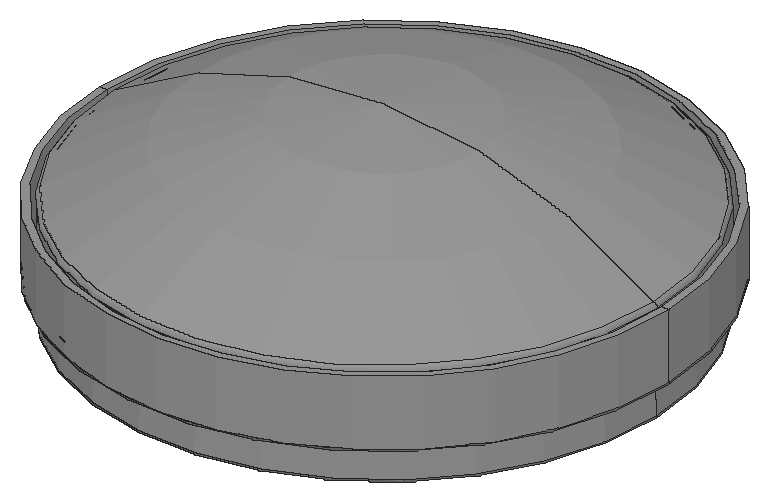
Revit family "3034796 Sylvania Lighting Fixture GIOTTO335 LED G2 4000K SURFACE", category Lighting Fixtures, host Face, Revit 2016
Family settings
  Host = Face
  Part Type = Normal
  Round Connector Dimension = Use Diameter
  OmniClass Number = 23.80.70.00
  OmniClass Title = Lighting
  Cut with Voids When Loaded = No
  Light Source = Yes
  Shared = No
  Room Calculation Point = No
Parameters (values of type "3034796 GIOTTO335 LED G2 SURFACE 4000K")
  Weight = "1.2 kg"
  Wattage Comments = ""
  Wattage = 23 W
  WarrantyStartDate [instance] = "n/a"
  WarrantyGuarantorParts = "n/a"
  WarrantyDurationUnit = "n/a"
  WarrantyDurationParts = "n/a"
  WarrantyDescription = "n/a"
  built-in parameter 1150110 = 1 (stored number, unit not read)
  Voltage = 230 V
  URL = "http://www.sylvania-lighting.com"
  TypeName = "GIOTTO335 LED G2 4000K SURFACE"
  Type Image = <None>
  Type Comments = "n/a"
  built-in parameter 1114217 = 1 (stored number, unit not read)
  Tilt Angle = -90.00°
  built-in parameter 1150109 = 1 (stored number, unit not read)
  built-in parameter 1150134 = 12
  built-in parameter 1150113 = 1 (stored number, unit not read)
  SerialNumber [instance] = "n/a"
  Photometric Web File = "3034796.ies"
  Material_3_SYL = LED-Sylvania
  PowerFactor = 0
  PowerConsumption = "23 W"
  NominalLength = 335 mm
  NominalHeight = 110 mm
  NominalDepth = 335 mm
  Name = "GIOTTO335 LED G2 4000K SURFACE"
  ModelReference = Name  # "GIOTTO335 LED G2 4000K SURFACE"
  ModelNumber = "3034796"
  Model = Name  # "GIOTTO335 LED G2 4000K SURFACE"
  Material = "polycarbonate housing, polycarbonate diffuser"
  ManufacturerName = "Feilo Sylvania"
  Manufacturer = "Feilo Sylvania"
  LuminousEfficacy = "97 lm/W"
  built-in parameter 1150105 = 685.38 (stored number, unit not read)
  Lumens = 2231 lm
  LuminaireType = ""
  built-in parameter 1150115 = 1 (stored number, unit not read)
  LightOutputRatio = "n/a"
  built-in parameter 1150137 = (empty or 0)
  built-in parameter 1150139 = (empty or 0)
  LampsType = Lamp  # "LED"
  LampNominalLuminous = "2225 lm"
  LampMacAdamStep = "n/a"
  LampColourTemperature = "4000 K"
  LampColourRenderingIndex = "80"
  built-in parameter 1150112 = 1 (stored number, unit not read)
  built-in parameter 1150114 = 1 (stored number, unit not read)
  Lamp = "LED"
  Keynote = "16500"
  InstallationDate [instance] = "n/a"
  InputVoltage = "n/a"
  InputNominalFrequency = "n/a"
  built-in parameter 1150132 = (empty or 0)
  built-in parameter 1150102 = (empty or 0)
  built-in parameter 1150107 = 4000 (stored number, unit not read)
  built-in parameter 1150138 = (empty or 0)
  IngressProtection = "IP44"
  ImpactProtectionIndex = "IK10"
  built-in parameter 1150106 = 6.8538 (stored number, unit not read)
  IfcExportType = "IfcLightFixtureType"
  IfcExportAs = "IfcLightFixtureType"
  Height_SYL = 110 mm
  ExpectedLife = 50000
  Emit from Circle Diameter = 317 mm
  Emit Shape Visible in Rendering = no
  ElectricShockClassification = "Class I"
  built-in parameter 1150104 = 9.0116 (stored number, unit not read)
  DurationUnit = "hours"
  DocumentationLiterature = "http://www.sylvania-lighting.com/product/en-int/products/3034796"
  DimmingControlOptions = "n/a"
  Material_2_SYL = Polycarbonate_Sylvania_Giotto_Opal
  Dimming Lamp Color Temperature Shift = <None>
  DiffuserRadius_SYL = 282.611 mm
  Diameter_SYL = 335 mm
  Description = "Ambient and decorative round, surface mounted LED bulkhead luminaire. White robust polycarbonate body with opal diffuser, 2225 lm, 23W, 97lm/W, 4000K, CRI 80, non-dimmable, 50,000 hours lumen maintenance. Drive current: 700mA, IP44, IK10, Class I, 220-240V, Energy class: A++, A+, A."
  Default Elevation = 1219.2 mm
  CreatedOn = "9/13/2018"
  CreatedBy = "@sylvania-lighting.com"
  Cost = 0
  Color Filter = 16777215
  built-in parameter 1114216 [instance] = (empty or 0)
  ClassificationValue = "EF_70_80"
  ClassificationName = "Uniclass2015"
  Material_1_SYL = Polycarbonate_Sylvania_Giotto_White
  BarCode [instance] = "n/a"
  built-in parameter 1114218 = 1 (stored number, unit not read)
  built-in parameter 1150133 = 10 (stored number, unit not read)
  AssetType = "Fixed"
  AssetIdentifier [instance] = "n/a"
  Assembly Code = "D5020200"
  Apparent Load = 23 VA
  Material_4_SYL = none
Reference planes
  plane 1 "Center (Front/Back)": y = 0
  plane 2: z = 0
  plane 3 "Center (Left/Right)": x = 0
  plane 4: x = 167.5
  plane 5: x = -167.5
  plane 6: x = -160.5
  plane 7: x = -163.5
  plane 8: z = 110
  plane 9: z = 60
  plane 10: z = 20
  plane 11: z = 25
  plane 12: x = -165.9
  plane 13: z = 21.6
  plane 14: z = 1.6
  plane 15: x = -158.9
  plane 16: z = 19
  plane 17: x = -161.5
  plane 18: z = 26
Forms (mm)
  Revolve 1, solid, material "Polycarbonate_Sylvania_Giotto_White" <- "Material_1_SYL"
    sketch origin (0, 0, 0) x (1, 0, 0) y (0, 0, 1)
      loop
        line (0, 0) -> (0, 26) -> (-158.9, 26) -> (-158.9, 25) -> (-163.5, 25) -> (-163.5, 60) -> (-167.5, 60) -> (-167.5, 21.6)
        arc (-167.5, 21.6) -> (-167.031, 20.469) -> (-165.9, 20) r 1.6
        line (-165.9, 20) -> (-160.5, 20)
        arc (-160.5, 20) -> (-160.193, 19.541) -> (-160.086, 19) r 1.414
        line (-160.086, 19) -> (-160.5, 1.6)
        arc (-160.5, 1.6) -> (-160.031, 0.469) -> (-158.9, 0) r 1.6
        line (-158.9, 0) -> (0, 0)
      axis (0, 60) -> (0, 0)
    angle from 360 to 0
  Revolve 2, solid, material "Polycarbonate_Sylvania_Giotto_Opal" <- "Material_2_SYL"
    sketch origin (0, 0, 0) x (1, 0, 0) y (0, 0, 1)
      loop
        line (-160.5, 25) -> (-158.5, 25) -> (-158.5, 57.891)
        arc (-158.5, 57.891) -> (-158.267, 58.827) -> (-157.623, 59.545) r 2
        arc (-157.623, 59.545) -> (-82.451, 95.612) -> (0, 107.998) r 280.611
        line (0, 107.998) -> (0, 109.998)
        arc (0, 109.998) -> (-83.039, 97.523) -> (-158.747, 61.2) r 282.611
        arc (-158.747, 61.2) -> (-160.035, 59.763) -> (-160.5, 57.891) r 4
        line (-160.5, 57.891) -> (-160.5, 25)
      axis (0, 109.998) -> (0, 25)
    angle from 360 to 0
Dimensions and locks
  equal spacing: plane 4, plane 3 "Center (Left/Right)", plane 5
  "Diameter_SYL": plane 4 to plane 5
  locked: plane 6 to plane 5 at 7
  locked: plane 7 to plane 5 at 4
  "Height_SYL": plane 8 to plane 2
  locked: plane 8 to plane 9 at 50
  locked: plane 9 to plane 10 at 40
  Revolve 1 sketch curve to Revolve 1 sketch curve = 5.4 mm
  locked: plane 11 to plane 10 at 5
  locked: plane 12 to plane 5 at 1.6
  locked: plane 13 to plane 10 at 1.6
  locked: plane 14 to plane 2 at 1.6
  locked: plane 15 to plane 6 at 1.6
  locked: plane 6 to plane 17 at 1
  locked: plane 10 to plane 16 at 1
  locked: plane 18 to plane 11 at 1
  "DiffuserRadius_SYL": radius of Revolve 2 sketch curve
  aligned and locked: plane 2 to host face
  aligned and locked: level to host face
  aligned and locked: Revolve 1 sketch curve to plane 3 "Center (Left/Right)"
  aligned and locked: level to Revolve 1 sketch curve
  aligned and locked: Revolve 1 sketch curve to plane 10
  aligned and locked: plane 9 to Revolve 1 sketch curve
  aligned and locked: Revolve 1 sketch curve to plane 7
  aligned and locked: plane 12 to Revolve 1 sketch curve  (x2)
  aligned and locked: plane 13 to Revolve 1 sketch curve  (x2)
  aligned and locked: plane 17 to Revolve 1 sketch curve
  aligned and locked: plane 16 to Revolve 1 sketch curve  (x2)
  aligned and locked: plane 15 to Revolve 1 sketch curve  (x3)
  aligned and locked: plane 14 to Revolve 1 sketch curve  (x2)
  aligned and locked: Revolve 2 sketch curve to plane 3 "Center (Left/Right)"
  aligned and locked: plane 6 to Revolve 2 sketch curve
  aligned and locked: Revolve 2 sketch curve to Revolve 2 sketch curve
  aligned and locked: plane 3 "Center (Left/Right)" to imposter light
  aligned and locked: imposter light to plane 1 "Center (Front/Back)"
  aligned and locked: plane 18 to Revolve 1 sketch curve
  aligned and locked: plane 11 to Revolve 1 sketch curve
  aligned and locked: plane 11 to Revolve 2 sketch curve
  aligned and locked: plane 3 "Center (Left/Right)" to Revolve 2 sketch curve
  aligned and locked: imposter light to plane 8
Automatic sketch dimensions
  host sketch curve to host sketch curve = 2438.4 mm  (x2)
  Revolve 1 sketch curve to plane 3 "Center (Left/Right)" = 0 mm
  Revolve 1 sketch curve to level = 609.6 mm
  Revolve 1 sketch curve to plane 8 = 2499.058 mm
  Revolve 2 sketch curve to Revolve 2 sketch curve = 0 mm  (x3)
  plane 15 to Revolve 2 sketch curve = 0.4 mm
  Revolve 2 sketch curve to Revolve 2 sketch curve = 2 mm  (x2)
  Revolve 2 sketch curve to level = 172.613 mm
  plane 9 to Revolve 2 sketch curve = 2.109 mm
  Revolve 2 sketch curve to Revolve 2 sketch curve = 436.987 mm
  Revolve 2 sketch curve to plane 8 = 2499.058 mm
Connectors
  electrical at (0, 0, 0), driven by "Apparent Load", driven by "PowerFactor", driven by "Voltage"
    settings: index 1, voltage 230 V, apparent load 23 VA, apparent load phase1 0 VA, apparent load phase2 0 VA, apparent load phase3 0 VA, power factor 0, load classification "Lighting", number of poles 1, system type 30, power factor state 1, is connector primary yes, connector utility no, sub classification motor no, connector description ""
